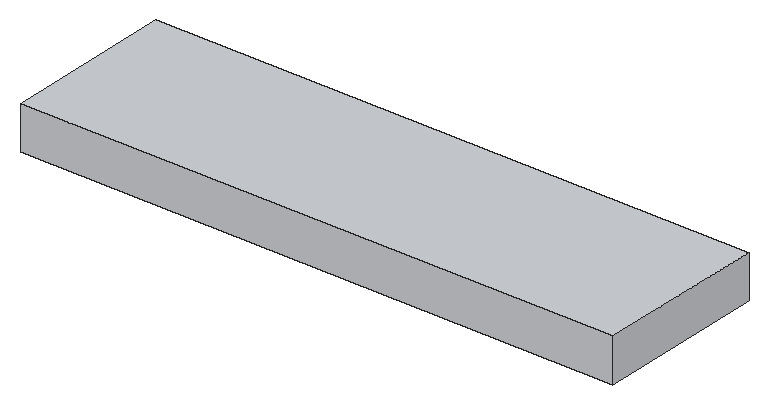
Revit family "1933_ TUPEX ELECTRIC_MEGAL", category Lighting Fixtures, host Face, Revit 2016
Family settings
  Host = Face
  Part Type = Normal
  Round Connector Dimension = Use Diameter
  Cut with Voids When Loaded = No
  Light Source = Yes
  Shared = No
  Room Calculation Point = Yes
Parameters
  Wattage = 310 W
  built-in parameter 1150110 = 1 (stored number, unit not read)
  built-in parameter 1114217 = 1 (stored number, unit not read)
  Tilt Angle = 90.00°
  built-in parameter 1150109 = 1 (stored number, unit not read)
  built-in parameter 1150134 = 3
  built-in parameter 1150113 = 1 (stored number, unit not read)
  Photometric Web File = "1929.IES"
  built-in parameter 1150105 = 3552.3 (stored number, unit not read)
  Lumens = 44640 lm
  built-in parameter 1150115 = 1 (stored number, unit not read)
  built-in parameter 1150137 = (empty or 0)
  built-in parameter 1150139 = (empty or 0)
  built-in parameter 1150112 = 1 (stored number, unit not read)
  built-in parameter 1150114 = 1 (stored number, unit not read)
  built-in parameter 1150132 = (empty or 0)
  built-in parameter 1150102 = (empty or 0)
  built-in parameter 1150107 = 3200 (stored number, unit not read)
  built-in parameter 1150138 = (empty or 0)
  built-in parameter 1150106 = 35.523 (stored number, unit not read)
  built-in parameter 1150104 = 13.378 (stored number, unit not read)
  Dimming Lamp Color Temperature Shift = (empty or 0)
  Default Elevation = 1219.2 mm
  Color Filter = 16777215
  built-in parameter 1114218 = 1 (stored number, unit not read)
  built-in parameter 1150133 = 10 (stored number, unit not read)
Reference planes
  plane 1 "Center (Front/Back)": y = 0
  plane 2: z = 0
  plane 3 "Center (Left/Right)": x = 0
Forms (mm)
  Extrusion 1, solid
    sketch origin (0, 0, 0) x (1, 0, 0) y (0, 1, 0)
      loop
        line (1220, 0) -> (0, 0) -> (0, -350) -> (1220, -350) -> (1220, 0)
    from -90 to 0
Lines and regions (mm)
  reference lines
    curve 1: line (650, 1524, 0) -> (650, -1524, 0)
    curve 2: line (1524, -190, 0) -> (-1524, -190, 0)
    curve 3: line (1524, 0, -90) -> (-1524, 0, -90)
    curve 4: line (1524, -350, 0) -> (-1524, -350, 0)
    curve 5: line (1220, 1524, 0) -> (1220, -1524, 0)
Dimensions and locks
  aligned and locked: host face to plane 2
  aligned and locked: host face to level
Connectors
  electrical at (610, -175, 0)
    settings: on Extrusion 1, index 1, voltage 220 V, apparent load 0 VA, apparent load phase1 310 VA, apparent load phase2 0 VA, apparent load phase3 0 VA, power factor 1, load classification "Other", number of poles 1, system type 31, power factor state 1, is connector primary yes, connector utility no, sub classification motor no, connector description ""
